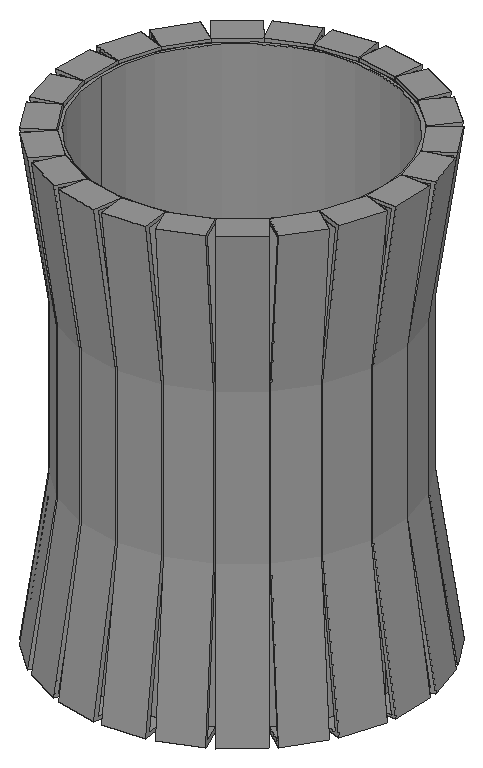
Revit family "Урна «Альво» Арт 15079", category Антураж, Revit 2018
Family settings
  На основе рабочей плоскости = Нет
  Всегда вертикально = Да
  При загрузке вырезать с полостями = Нет
  Источник визуального образа = Геометрия семейства
  Общий = Нет
  Точка расчета площади = Нет
Parameters (values of type "Стандарт")
  Ширина = 600 mm  # constant formula
  Цвет каркаса = Сталь
  Описание = "Урна «Альво». Оюъем 80 литров"  # constant formula
  Материал изделия = "Сталь"  # constant formula
  Изображение типоразмера = Урна Альвио Арт 15079.jpg
  Изготовитель = "ООО «Хоббика»"  # constant formula
  Длина = 600 mm  # constant formula
  Группа модели = "Уличные урны"  # constant formula
  Высота = 800 mm  # constant formula
  Артикул товара = "Арт. 15079"  # constant formula
  URL = "https://hobbyka.ru/product/urna_alvo/"
Reference planes
  plane 1 "По центру (Вперед/Назад)": y = 0
  plane 2: z = 0
  plane 3 "По центру (Влево/Вправо)": x = 0
  plane 4: y = 600
  plane 5: x = 600
  plane 6: z = 800
Forms (mm)
  Extrusion 1, solid, material "Сталь" <- "Цвет каркаса"
    sketch origin (0, 0, 0) x (1, 0, 0) y (0, 0, 1)
      loop
        line (550, 800) -> (550, 795) -> (593.744, 795)
        arc (593.744, 795) -> (550, 400) -> (593.744, 5) r 1805.278
        line (593.744, 5) -> (550, 5) -> (550, 0) -> (600, 0)
        arc (600, 0) -> (555, 400) -> (600, 800) r 1800.278
        line (600, 800) -> (550, 800)
    from -335.7 to -260.268
  Extrusion 2, solid, material "Сталь" <- "Цвет каркаса"
    sketch origin (95.958, -71.977, 0) x (0.960031, 0.279892, 0) y (0, 0, 1)
      loop
        line (550, 800) -> (550, 795) -> (593.744, 795)
        arc (593.744, 795) -> (550, 400) -> (593.744, 5) r 1805.278
        line (593.744, 5) -> (550, 5) -> (550, 0) -> (600, 0)
        arc (600, 0) -> (555, 400) -> (600, 800) r 1800.278
        line (600, 800) -> (550, 800)
    from -335.7 to -264.3
  Extrusion 3, solid, material "Сталь" <- "Цвет каркаса"
    sketch origin (208.227, -114.219, 0) x (0.84332, 0.537411, 0) y (0, 0, 1)
      loop
        line (550, 800) -> (550, 795) -> (593.744, 795)
        arc (593.744, 795) -> (550, 400) -> (593.744, 5) r 1805.278
        line (593.744, 5) -> (550, 5) -> (550, 0) -> (600, 0)
        arc (600, 0) -> (555, 400) -> (600, 800) r 1800.278
        line (600, 800) -> (550, 800)
    from -335.7 to -264.3
  Extrusion 4, solid, material "Сталь" <- "Цвет каркаса"
    sketch origin (327.832, -123.35, 0) x (0.659197, 0.751971, 0) y (0, 0, 1)
      loop
        line (550, 800) -> (550, 795) -> (593.744, 795)
        arc (593.744, 795) -> (550, 400) -> (593.744, 5) r 1805.278
        line (593.744, 5) -> (550, 5) -> (550, 0) -> (600, 0)
        arc (600, 0) -> (555, 400) -> (600, 800) r 1800.278
        line (600, 800) -> (550, 800)
    from -335.7 to -264.3
  Extrusion 5, solid, material "Сталь" <- "Цвет каркаса"
    sketch origin (445.212, -98.639, 0) x (0.422379, 0.90642, 0) y (0, 0, 1)
      loop
        line (550, 800) -> (550, 795) -> (593.744, 795)
        arc (593.744, 795) -> (550, 400) -> (593.744, 5) r 1805.278
        line (593.744, 5) -> (550, 5) -> (550, 0) -> (600, 0)
        arc (600, 0) -> (555, 400) -> (600, 800) r 1800.278
        line (600, 800) -> (550, 800)
    from -335.7 to -264.3
  Extrusion 6, solid, material "Сталь" <- "Цвет каркаса"
    sketch origin (550.985, -42.063, 0) x (0.151797, 0.988412, 0) y (0, 0, 1)
      loop
        line (550, 800) -> (550, 795) -> (593.744, 795)
        arc (593.744, 795) -> (550, 400) -> (593.744, 5) r 1805.278
        line (593.744, 5) -> (550, 5) -> (550, 0) -> (600, 0)
        arc (600, 0) -> (555, 400) -> (600, 800) r 1800.278
        line (600, 800) -> (550, 800)
    from -335.7 to -264.3
  Extrusion 7, solid, material "Сталь" <- "Цвет каркаса"
    sketch origin (636.694, 41.858, 0) x (-0.130919, 0.991393, 0) y (0, 0, 1)
      loop
        line (550, 800) -> (550, 795) -> (593.744, 795)
        arc (593.744, 795) -> (550, 400) -> (593.744, 5) r 1805.278
        line (593.744, 5) -> (550, 5) -> (550, 0) -> (600, 0)
        arc (600, 0) -> (555, 400) -> (600, 800) r 1800.278
        line (600, 800) -> (550, 800)
    from -335.7 to -264.3
  Extrusion 8, solid, material "Сталь" <- "Цвет каркаса"
    sketch origin (695.489, 146.414, 0) x (-0.40317, 0.915125, 0) y (0, 0, 1)
      loop
        line (550, 800) -> (550, 795) -> (593.744, 795)
        arc (593.744, 795) -> (550, 400) -> (593.744, 5) r 1805.278
        line (593.744, 5) -> (550, 5) -> (550, 0) -> (600, 0)
        arc (600, 0) -> (555, 400) -> (600, 800) r 1800.278
        line (600, 800) -> (550, 800)
    from -335.7 to -264.3
  Extrusion 9, solid, material "Сталь" <- "Цвет каркаса"
    sketch origin (722.669, 263.246, 0) x (-0.643193, 0.765704, 0) y (0, 0, 1)
      loop
        line (550, 800) -> (550, 795) -> (593.744, 795)
        arc (593.744, 795) -> (550, 400) -> (593.744, 5) r 1805.278
        line (593.744, 5) -> (550, 5) -> (550, 0) -> (600, 0)
        arc (600, 0) -> (555, 400) -> (600, 800) r 1800.278
        line (600, 800) -> (550, 800)
    from -335.7 to -264.3
  Extrusion 10, solid, material "Сталь" <- "Цвет каркаса"
    sketch origin (716.063, 383.017, 0) x (-0.8318, 0.555075, 0) y (0, 0, 1)
      loop
        line (550, 800) -> (550, 795) -> (593.744, 795)
        arc (593.744, 795) -> (550, 400) -> (593.744, 5) r 1805.278
        line (593.744, 5) -> (550, 5) -> (550, 0) -> (600, 0)
        arc (600, 0) -> (555, 400) -> (600, 800) r 1800.278
        line (600, 800) -> (550, 800)
    from -335.7 to -264.3
  Extrusion 11, solid, material "Сталь" <- "Цвет каркаса"
    sketch origin (676.197, 496.152, 0) x (-0.953916, 0.300075, 0) y (0, 0, 1)
      loop
        line (550, 800) -> (550, 795) -> (593.744, 795)
        arc (593.744, 795) -> (550, 400) -> (593.744, 5) r 1805.278
        line (593.744, 5) -> (550, 5) -> (550, 0) -> (600, 0)
        arc (600, 0) -> (555, 400) -> (600, 800) r 1800.278
        line (600, 800) -> (550, 800)
    from -335.7 to -264.3
  Extrusion 12, solid, material "Сталь" <- "Цвет каркаса"
    sketch origin (606.26, 593.607, 0) x (-0.999778, 0.021088, 0) y (0, 0, 1)
      loop
        line (550, 800) -> (550, 795) -> (593.744, 795)
        arc (593.744, 795) -> (550, 400) -> (593.744, 5) r 1805.278
        line (593.744, 5) -> (550, 5) -> (550, 0) -> (600, 0)
        arc (600, 0) -> (555, 400) -> (600, 800) r 1800.278
        line (600, 800) -> (550, 800)
    from -335.7 to -264.3
  Extrusion 13, solid, material "Сталь" <- "Цвет каркаса"
    sketch origin (511.841, 667.592, 0) x (-0.96572, -0.259585, 0) y (0, 0, 1)
      loop
        line (550, 800) -> (550, 795) -> (593.744, 795)
        arc (593.744, 795) -> (550, 400) -> (593.744, 5) r 1805.278
        line (593.744, 5) -> (550, 5) -> (550, 0) -> (600, 0)
        arc (600, 0) -> (555, 400) -> (600, 800) r 1800.278
        line (600, 800) -> (550, 800)
    from -335.7 to -264.3
  Extrusion 14, solid, material "Сталь" <- "Цвет каркаса"
    sketch origin (400.487, 712.192, 0) x (-0.854466, -0.519508, 0) y (0, 0, 1)
      loop
        line (550, 800) -> (550, 795) -> (593.744, 795)
        arc (593.744, 795) -> (550, 400) -> (593.744, 5) r 1805.278
        line (593.744, 5) -> (550, 5) -> (550, 0) -> (600, 0)
        arc (600, 0) -> (555, 400) -> (600, 800) r 1800.278
        line (600, 800) -> (550, 800)
    from -335.7 to -264.3
  Extrusion 15, solid, material "Сталь" <- "Цвет каркаса"
    sketch origin (281.102, 723.843, 0) x (-0.674908, -0.737902, 0) y (0, 0, 1)
      loop
        line (550, 800) -> (550, 795) -> (593.744, 795)
        arc (593.744, 795) -> (550, 400) -> (593.744, 5) r 1805.278
        line (593.744, 5) -> (550, 5) -> (550, 0) -> (600, 0)
        arc (600, 0) -> (555, 400) -> (600, 800) r 1800.278
        line (600, 800) -> (550, 800)
    from -335.7 to -264.3
  Extrusion 16, solid, material "Сталь" <- "Цвет каркаса"
    sketch origin (163.226, 701.613, 0) x (-0.441399, -0.897311, 0) y (0, 0, 1)
      loop
        line (550, 800) -> (550, 795) -> (593.744, 795)
        arc (593.744, 795) -> (550, 400) -> (593.744, 5) r 1805.278
        line (593.744, 5) -> (550, 5) -> (550, 0) -> (600, 0)
        arc (600, 0) -> (555, 400) -> (600, 800) r 1800.278
        line (600, 800) -> (550, 800)
    from -335.7 to -264.3
  Extrusion 17, solid, material "Сталь" <- "Цвет каркаса"
    sketch origin (56.285, 647.279, 0) x (-0.172606, -0.984991, 0) y (0, 0, 1)
      loop
        line (550, 800) -> (550, 795) -> (593.744, 795)
        arc (593.744, 795) -> (550, 400) -> (593.744, 5) r 1805.278
        line (593.744, 5) -> (550, 5) -> (550, 0) -> (600, 0)
        arc (600, 0) -> (555, 400) -> (600, 800) r 1800.278
        line (600, 800) -> (550, 800)
    from -335.7 to -264.3
  Extrusion 18, solid, material "Сталь" <- "Цвет каркаса"
    sketch origin (-31.175, 565.185, 0) x (0.109984, -0.993933, 0) y (0, 0, 1)
      loop
        line (550, 800) -> (550, 795) -> (593.744, 795)
        arc (593.744, 795) -> (550, 400) -> (593.744, 5) r 1805.278
        line (593.744, 5) -> (550, 5) -> (550, 0) -> (600, 0)
        arc (600, 0) -> (555, 400) -> (600, 800) r 1800.278
        line (600, 800) -> (550, 800)
    from -335.7 to -264.3
  Extrusion 19, solid, material "Сталь" <- "Цвет каркаса"
    sketch origin (-92.162, 461.892, 0) x (0.383782, -0.923424, 0) y (0, 0, 1)
      loop
        line (550, 800) -> (550, 795) -> (593.744, 795)
        arc (593.744, 795) -> (550, 400) -> (593.744, 5) r 1805.278
        line (593.744, 5) -> (550, 5) -> (550, 0) -> (600, 0)
        arc (600, 0) -> (555, 400) -> (600, 800) r 1800.278
        line (600, 800) -> (550, 800)
    from -335.7 to -264.3
  Extrusion 20, solid, material "Сталь" <- "Цвет каркаса"
    sketch origin (-121.8, 345.659, 0) x (0.626903, -0.779098, 0) y (0, 0, 1)
      loop
        line (550, 800) -> (550, 795) -> (593.744, 795)
        arc (593.744, 795) -> (550, 400) -> (593.744, 5) r 1805.278
        line (593.744, 5) -> (550, 5) -> (550, 0) -> (600, 0)
        arc (600, 0) -> (555, 400) -> (600, 800) r 1800.278
        line (600, 800) -> (550, 800)
    from -335.7 to -264.3
  Extrusion 21, solid, material "Сталь" <- "Цвет каркаса"
    sketch origin (-117.721, 225.775, 0) x (0.81991, -0.572493, 0) y (0, 0, 1)
      loop
        line (550, 800) -> (550, 795) -> (593.744, 795)
        arc (593.744, 795) -> (550, 400) -> (593.744, 5) r 1805.278
        line (593.744, 5) -> (550, 5) -> (550, 0) -> (600, 0)
        arc (600, 0) -> (555, 400) -> (600, 800) r 1800.278
        line (600, 800) -> (550, 800)
    from -335.7 to -264.3
  Extrusion 22, solid, material "Сталь" <- "Цвет каркаса"
    sketch origin (-80.25, 111.825, 0) x (0.947375, -0.320125, 0) y (0, 0, 1)
      loop
        line (550, 800) -> (550, 795) -> (593.744, 795)
        arc (593.744, 795) -> (550, 400) -> (593.744, 5) r 1805.278
        line (593.744, 5) -> (550, 5) -> (550, 0) -> (600, 0)
        arc (600, 0) -> (555, 400) -> (600, 800) r 1800.278
        line (600, 800) -> (550, 800)
    from -342.287 to -264.3
  Extrusion 23, solid, material "Сталь" <- "Цвет каркаса"
    sketch origin (0, 0, 0) x (1, 0, 0) y (0, 1, 0)
      loop
        circle (300, 300) r 250.961
    from 0 to 795
  Extrusion 24, void
    sketch origin (0, 0, 0) x (1, 0, 0) y (0, 1, 0)
      loop
        circle (300, 300) r 245.961
    from 5 to 800
Cuts and joins
  Extrusion 24 cuts Extrusion 23
Dimensions and locks
  "Ширина": plane 4 to plane 1 "По центру (Вперед/Назад)"
  "Длина": plane 3 "По центру (Влево/Вправо)" to plane 5
  "Высота": plane 6 to level
  aligned and locked: level to plane 2
Automatic sketch dimensions
  Extrusion 1 sketch curve to plane 6 = 0 mm
  Extrusion 1 sketch curve to level = 0 mm
  Extrusion 1 sketch curve to plane 5 = 0 mm  (x2)
  Extrusion 1 sketch curve to plane 6 = 5 mm
  Extrusion 1 sketch curve to plane 5 = 50 mm
  Extrusion 1 sketch curve to Extrusion 1 sketch curve = 5 mm
  Extrusion 1 sketch curve to Extrusion 1 sketch curve = 0 mm  (x2)
  Extrusion 1 sketch curve to plane 5 = 6.256 mm
  Extrusion 1 sketch curve to Extrusion 1 sketch curve = 43.744 mm
  plane 5 to Extrusion 1 sketch curve = 1755.278 mm
  Extrusion 2 sketch curve to Extrusion 2 sketch curve = 0 mm  (x3)
  Extrusion 2 sketch curve to plane 6 = 0 mm
  Extrusion 2 sketch curve to level = 0 mm
  level to Extrusion 2 sketch curve = 5 mm
  Extrusion 2 sketch curve to Extrusion 2 sketch curve = 43.744 mm  (x2)
  Extrusion 2 sketch curve to plane 6 = 5 mm
  Extrusion 2 sketch curve to Extrusion 2 sketch curve = 6.256 mm
  Extrusion 2 sketch curve to Extrusion 2 sketch curve = 1755.278 mm
  Extrusion 3 sketch curve to Extrusion 3 sketch curve = 0 mm  (x3)
  Extrusion 3 sketch curve to plane 6 = 0 mm
  Extrusion 3 sketch curve to level = 0 mm
  level to Extrusion 3 sketch curve = 5 mm
  Extrusion 3 sketch curve to Extrusion 3 sketch curve = 43.744 mm  (x2)
  Extrusion 3 sketch curve to plane 6 = 5 mm
  Extrusion 3 sketch curve to Extrusion 3 sketch curve = 6.256 mm
  Extrusion 3 sketch curve to Extrusion 3 sketch curve = 1755.278 mm
  Extrusion 4 sketch curve to Extrusion 4 sketch curve = 0 mm  (x3)
  Extrusion 4 sketch curve to plane 6 = 0 mm
  Extrusion 4 sketch curve to level = 0 mm
  level to Extrusion 4 sketch curve = 5 mm
  Extrusion 4 sketch curve to Extrusion 4 sketch curve = 43.744 mm  (x2)
  Extrusion 4 sketch curve to plane 6 = 5 mm
  Extrusion 4 sketch curve to Extrusion 4 sketch curve = 6.256 mm
  Extrusion 4 sketch curve to Extrusion 4 sketch curve = 1755.278 mm
  Extrusion 5 sketch curve to Extrusion 5 sketch curve = 0 mm  (x3)
  Extrusion 5 sketch curve to plane 6 = 0 mm
  Extrusion 5 sketch curve to level = 0 mm
  level to Extrusion 5 sketch curve = 5 mm
  Extrusion 5 sketch curve to Extrusion 5 sketch curve = 43.744 mm  (x2)
  Extrusion 5 sketch curve to plane 6 = 5 mm
  Extrusion 5 sketch curve to Extrusion 5 sketch curve = 6.256 mm
  Extrusion 5 sketch curve to Extrusion 5 sketch curve = 1755.278 mm
  Extrusion 6 sketch curve to Extrusion 6 sketch curve = 0 mm  (x3)
  Extrusion 6 sketch curve to plane 6 = 0 mm
  Extrusion 6 sketch curve to level = 0 mm
  level to Extrusion 6 sketch curve = 5 mm
  Extrusion 6 sketch curve to Extrusion 6 sketch curve = 43.744 mm  (x2)
  Extrusion 6 sketch curve to plane 6 = 5 mm
  Extrusion 6 sketch curve to Extrusion 6 sketch curve = 6.256 mm
  Extrusion 6 sketch curve to Extrusion 6 sketch curve = 1755.278 mm
  Extrusion 7 sketch curve to Extrusion 7 sketch curve = 0 mm  (x3)
  plane 6 to Extrusion 7 sketch curve = 0 mm
  level to Extrusion 7 sketch curve = 0 mm
  level to Extrusion 7 sketch curve = 5 mm
  Extrusion 7 sketch curve to Extrusion 7 sketch curve = 43.744 mm  (x2)
  Extrusion 7 sketch curve to plane 6 = 5 mm
  Extrusion 7 sketch curve to Extrusion 7 sketch curve = 6.256 mm
  Extrusion 7 sketch curve to Extrusion 7 sketch curve = 1755.278 mm
  Extrusion 8 sketch curve to Extrusion 8 sketch curve = 0 mm  (x3)
  plane 6 to Extrusion 8 sketch curve = 0 mm
  level to Extrusion 8 sketch curve = 0 mm
  level to Extrusion 8 sketch curve = 5 mm
  Extrusion 8 sketch curve to Extrusion 8 sketch curve = 43.744 mm  (x2)
  Extrusion 8 sketch curve to plane 6 = 5 mm
  Extrusion 8 sketch curve to Extrusion 8 sketch curve = 6.256 mm
  Extrusion 8 sketch curve to Extrusion 8 sketch curve = 1755.278 mm
  Extrusion 9 sketch curve to Extrusion 9 sketch curve = 0 mm  (x3)
  plane 6 to Extrusion 9 sketch curve = 0 mm
  level to Extrusion 9 sketch curve = 0 mm
  level to Extrusion 9 sketch curve = 5 mm
  Extrusion 9 sketch curve to Extrusion 9 sketch curve = 43.744 mm  (x2)
  Extrusion 9 sketch curve to plane 6 = 5 mm
  Extrusion 9 sketch curve to Extrusion 9 sketch curve = 6.256 mm
  Extrusion 9 sketch curve to Extrusion 9 sketch curve = 1755.278 mm
  Extrusion 10 sketch curve to Extrusion 10 sketch curve = 0 mm  (x3)
  plane 6 to Extrusion 10 sketch curve = 0 mm
  level to Extrusion 10 sketch curve = 0 mm
  level to Extrusion 10 sketch curve = 5 mm
  Extrusion 10 sketch curve to Extrusion 10 sketch curve = 43.744 mm  (x2)
  Extrusion 10 sketch curve to plane 6 = 5 mm
  Extrusion 10 sketch curve to Extrusion 10 sketch curve = 6.256 mm
  Extrusion 10 sketch curve to Extrusion 10 sketch curve = 1755.278 mm
  Extrusion 11 sketch curve to Extrusion 11 sketch curve = 0 mm  (x3)
  plane 6 to Extrusion 11 sketch curve = 0 mm
  level to Extrusion 11 sketch curve = 0 mm
  level to Extrusion 11 sketch curve = 5 mm
  Extrusion 11 sketch curve to Extrusion 11 sketch curve = 43.744 mm  (x2)
  Extrusion 11 sketch curve to plane 6 = 5 mm
  Extrusion 11 sketch curve to Extrusion 11 sketch curve = 6.256 mm
  Extrusion 11 sketch curve to Extrusion 11 sketch curve = 1755.278 mm
  Extrusion 12 sketch curve to Extrusion 12 sketch curve = 0 mm  (x3)
  plane 6 to Extrusion 12 sketch curve = 0 mm
  level to Extrusion 12 sketch curve = 0 mm
  level to Extrusion 12 sketch curve = 5 mm
  Extrusion 12 sketch curve to Extrusion 12 sketch curve = 43.744 mm  (x2)
  Extrusion 12 sketch curve to plane 6 = 5 mm
  Extrusion 12 sketch curve to Extrusion 12 sketch curve = 6.256 mm
  Extrusion 12 sketch curve to Extrusion 12 sketch curve = 1755.278 mm
  Extrusion 13 sketch curve to Extrusion 13 sketch curve = 0 mm  (x3)
  plane 6 to Extrusion 13 sketch curve = 0 mm
  level to Extrusion 13 sketch curve = 0 mm
  level to Extrusion 13 sketch curve = 5 mm
  Extrusion 13 sketch curve to Extrusion 13 sketch curve = 43.744 mm  (x2)
  Extrusion 13 sketch curve to plane 6 = 5 mm
  Extrusion 13 sketch curve to Extrusion 13 sketch curve = 6.256 mm
  Extrusion 13 sketch curve to Extrusion 13 sketch curve = 1755.278 mm
  Extrusion 14 sketch curve to Extrusion 14 sketch curve = 0 mm  (x3)
  plane 6 to Extrusion 14 sketch curve = 0 mm
  level to Extrusion 14 sketch curve = 0 mm
  level to Extrusion 14 sketch curve = 5 mm
  Extrusion 14 sketch curve to Extrusion 14 sketch curve = 43.744 mm  (x2)
  Extrusion 14 sketch curve to plane 6 = 5 mm
  Extrusion 14 sketch curve to Extrusion 14 sketch curve = 6.256 mm
  Extrusion 14 sketch curve to Extrusion 14 sketch curve = 1755.278 mm
  Extrusion 15 sketch curve to Extrusion 15 sketch curve = 0 mm  (x3)
  plane 6 to Extrusion 15 sketch curve = 0 mm
  level to Extrusion 15 sketch curve = 0 mm
  level to Extrusion 15 sketch curve = 5 mm
  Extrusion 15 sketch curve to Extrusion 15 sketch curve = 43.744 mm  (x2)
  Extrusion 15 sketch curve to plane 6 = 5 mm
  Extrusion 15 sketch curve to Extrusion 15 sketch curve = 6.256 mm
  Extrusion 15 sketch curve to Extrusion 15 sketch curve = 1755.278 mm
  Extrusion 16 sketch curve to Extrusion 16 sketch curve = 0 mm  (x3)
  plane 6 to Extrusion 16 sketch curve = 0 mm
  level to Extrusion 16 sketch curve = 0 mm
  level to Extrusion 16 sketch curve = 5 mm
  Extrusion 16 sketch curve to Extrusion 16 sketch curve = 43.744 mm  (x2)
  Extrusion 16 sketch curve to plane 6 = 5 mm
  Extrusion 16 sketch curve to Extrusion 16 sketch curve = 6.256 mm
  Extrusion 16 sketch curve to Extrusion 16 sketch curve = 1755.278 mm
  Extrusion 17 sketch curve to Extrusion 17 sketch curve = 0 mm  (x3)
  plane 6 to Extrusion 17 sketch curve = 0 mm
  level to Extrusion 17 sketch curve = 0 mm
  level to Extrusion 17 sketch curve = 5 mm
  Extrusion 17 sketch curve to Extrusion 17 sketch curve = 43.744 mm  (x2)
  Extrusion 17 sketch curve to plane 6 = 5 mm
  Extrusion 17 sketch curve to Extrusion 17 sketch curve = 6.256 mm
  Extrusion 17 sketch curve to Extrusion 17 sketch curve = 1755.278 mm
  Extrusion 18 sketch curve to Extrusion 18 sketch curve = 0 mm  (x3)
  Extrusion 18 sketch curve to plane 6 = 0 mm
  Extrusion 18 sketch curve to level = 0 mm
  level to Extrusion 18 sketch curve = 5 mm
  Extrusion 18 sketch curve to Extrusion 18 sketch curve = 43.744 mm  (x2)
  Extrusion 18 sketch curve to plane 6 = 5 mm
  Extrusion 18 sketch curve to Extrusion 18 sketch curve = 6.256 mm
  Extrusion 18 sketch curve to Extrusion 18 sketch curve = 1755.278 mm
  Extrusion 19 sketch curve to Extrusion 19 sketch curve = 0 mm  (x3)
  Extrusion 19 sketch curve to plane 6 = 0 mm
  Extrusion 19 sketch curve to level = 0 mm
  level to Extrusion 19 sketch curve = 5 mm
  Extrusion 19 sketch curve to Extrusion 19 sketch curve = 43.744 mm  (x2)
  Extrusion 19 sketch curve to plane 6 = 5 mm
  Extrusion 19 sketch curve to Extrusion 19 sketch curve = 6.256 mm
  Extrusion 19 sketch curve to Extrusion 19 sketch curve = 1755.278 mm
  Extrusion 20 sketch curve to Extrusion 20 sketch curve = 0 mm  (x3)
  Extrusion 20 sketch curve to plane 6 = 0 mm
  Extrusion 20 sketch curve to level = 0 mm
  level to Extrusion 20 sketch curve = 5 mm
  Extrusion 20 sketch curve to Extrusion 20 sketch curve = 43.744 mm  (x2)
  Extrusion 20 sketch curve to plane 6 = 5 mm
  Extrusion 20 sketch curve to Extrusion 20 sketch curve = 6.256 mm
  Extrusion 20 sketch curve to Extrusion 20 sketch curve = 1755.278 mm
  Extrusion 21 sketch curve to Extrusion 21 sketch curve = 0 mm  (x3)
  Extrusion 21 sketch curve to plane 6 = 0 mm
  Extrusion 21 sketch curve to level = 0 mm
  level to Extrusion 21 sketch curve = 5 mm
  Extrusion 21 sketch curve to Extrusion 21 sketch curve = 43.744 mm  (x2)
  Extrusion 21 sketch curve to plane 6 = 5 mm
  Extrusion 21 sketch curve to Extrusion 21 sketch curve = 6.256 mm
  Extrusion 21 sketch curve to Extrusion 21 sketch curve = 1755.278 mm
  Extrusion 22 sketch curve to Extrusion 22 sketch curve = 0 mm  (x3)
  Extrusion 22 sketch curve to plane 6 = 0 mm
  Extrusion 22 sketch curve to level = 0 mm
  level to Extrusion 22 sketch curve = 5 mm
  Extrusion 22 sketch curve to Extrusion 22 sketch curve = 43.744 mm  (x2)
  Extrusion 22 sketch curve to plane 6 = 5 mm
  Extrusion 22 sketch curve to Extrusion 22 sketch curve = 6.256 mm
  Extrusion 22 sketch curve to Extrusion 22 sketch curve = 1755.278 mm
  plane 3 "По центру (Влево/Вправо)" to Extrusion 23 sketch curve = 300 mm
  Extrusion 23 sketch curve to plane 1 "По центру (Вперед/Назад)" = 300 mm
  plane 3 "По центру (Влево/Вправо)" to Extrusion 24 sketch curve = 300 mm
  Extrusion 24 sketch curve to plane 1 "По центру (Вперед/Назад)" = 300 mm
  radius of Extrusion 23 sketch curve = 250.961 mm
  radius of Extrusion 24 sketch curve = 245.961 mm
